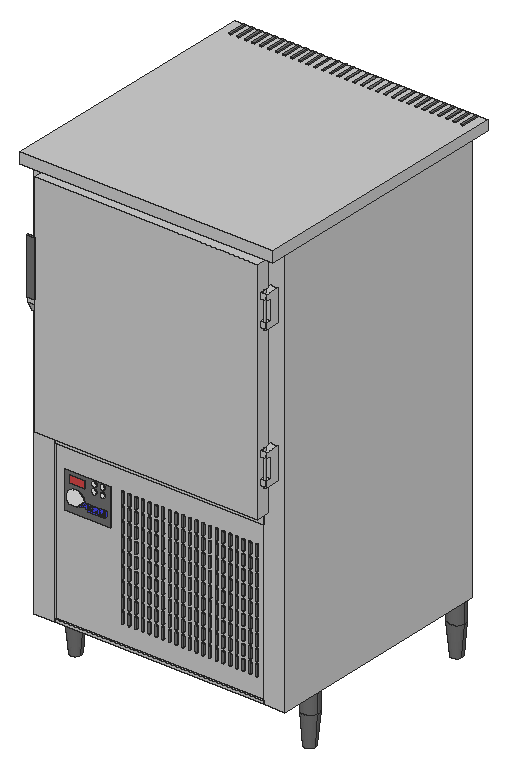
Revit family "QF_ACFRI_RS30-RL.190709092811", category Specialty Equipment, Revit 2016 (continued)
Definition of nested family "QF_ACFRI_RS30-RL_230V_1Ph_50Hz"
  Forms (mm)
    Extrusion 5, solid
      sketch origin (0, -746.05, -119.991) x (1, 0, 0) y (0, 0, 1)
        loop
          line (561.229, 494.546) -> (561.229, 467.546)
          arc (561.229, 467.546) -> (564.729, 464.046) -> (568.229, 467.546) r 3.5
          line (568.229, 467.546) -> (568.229, 494.546)
          arc (568.229, 494.546) -> (564.729, 498.046) -> (561.229, 494.546) r 3.5
        loop
          line (581.229, 494.546) -> (581.229, 467.546)
          arc (581.229, 467.546) -> (584.729, 464.046) -> (588.229, 467.546) r 3.5
          line (588.229, 467.546) -> (588.229, 494.546)
          arc (588.229, 494.546) -> (584.729, 498.046) -> (581.229, 494.546) r 3.5
        loop
          line (601.229, 494.546) -> (601.229, 467.546)
          arc (601.229, 467.546) -> (604.729, 464.046) -> (608.229, 467.546) r 3.5
          line (608.229, 467.546) -> (608.229, 494.546)
          arc (608.229, 494.546) -> (604.729, 498.046) -> (601.229, 494.546) r 3.5
        loop
          line (621.229, 494.546) -> (621.229, 467.546)
          arc (621.229, 467.546) -> (624.729, 464.046) -> (628.229, 467.546) r 3.5
          line (628.229, 467.546) -> (628.229, 494.546)
          arc (628.229, 494.546) -> (624.729, 498.046) -> (621.229, 494.546) r 3.5
        loop
          line (641.229, 494.546) -> (641.229, 467.546)
          arc (641.229, 467.546) -> (644.729, 464.046) -> (648.229, 467.546) r 3.5
          line (648.229, 467.546) -> (648.229, 494.546)
          arc (648.229, 494.546) -> (644.729, 498.046) -> (641.229, 494.546) r 3.5
        loop
          line (661.229, 494.546) -> (661.229, 467.546)
          arc (661.229, 467.546) -> (664.729, 464.046) -> (668.229, 467.546) r 3.5
          line (668.229, 467.546) -> (668.229, 494.546)
          arc (668.229, 494.546) -> (664.729, 498.046) -> (661.229, 494.546) r 3.5
      from 0 to 2
    Extrusion 6, solid
      sketch origin (-327.449, -51.57, -49) x (1, 0, 0) y (0, 0, 1)
        loop
          circle (377.449, 99) r 5
      from 0 to 5
    Extrusion 7, solid
      sketch origin (686.444, 0, -150) x (0, 1, 0) y (0, 0, 1)
        loop
          line (-56.57, 1373.957) -> (-752.05, 1373.957) -> (-752.05, 150) -> (-56.57, 150) -> (-56.57, 1373.957)
      from 3.267 to 65.187
    Extrusion 8, solid
      sketch origin (0, 0, -51) x (0, 1, 0) y (0, 0, 1)
        loop
          line (-752.05, 1274.957) -> (-752.05, 1228.517) -> (-126.332, 1228.517) -> (-126.332, 593.419) -> (-752.05, 593.419) -> (-752.05, 531.284) -> (-747.05, 531.284) -> (-747.05, 61) -> (-752.05, 61) -> (-752.05, 51) -> (-56.57, 51) -> (-56.57, 1274.957) -> (-752.05, 1274.957)
      from 65.187 to 689.711
  Lines and regions (mm)
    symbolic lines
      curve 1: line (0, 0, 0) -> (755, 0, 0)
      curve 2: line (0, -800, 0) -> (0, 0, 0)
      curve 3: line (755, -800, 0) -> (0, -800, 0)
      curve 4: line (755, 0, 0) -> (755, -800, 0)
  Dimensions and locks
    plane 3 "Left" to plane 4 "Right" = 755 mm
    plane 5 "Front" to plane 1 "Back" = 800 mm
    plane 6 "Top" to level = 1254.917 mm
    aligned and locked: level to plane 2
  Connectors
    electrical at (50, -51.57, 50)
      settings: on Extrusion 6, index 1, voltage 0 V, apparent load 0 VA, apparent load phase1 0 VA, apparent load phase2 0 VA, apparent load phase3 0 VA, power factor 1, load classification none, number of poles 1, system type 31, power factor state 1, is connector primary yes, connector utility no, sub classification motor no, connector description "Electrical connection"
Definition of nested family "QF_ACFRI_RS25_30_40_DOOR_RX"
  Parameters (values of type "RS25_30_40_DOOR_RX")
    URL catalogue [instance] = ""
    URL = "www.acfri.com"
    Status [instance] = ""
    Spécification technique [instance] = ""
    Spécification du Fabricant [instance] = ""
    Spécification de l'Utilisateur [instance] = ""
    Show Logo [instance] = yes
    Show Clearance [instance] = yes
    SMACNA No spécifique pour les matériaux  Etats Unis [instance] = ""
    Quantité par lot [instance] = no
    Profondeur hors tout [instance] = 40 mm
    Poids net à vide [instance] = 0.00 kg
    Numéro de Série [instance] = ""
    Nombre d'identification NAFEM [instance] = ""
    Model = "RS25_30_40_DOOR_RX"
    Manufacturer = "ACFRI"
    Longueur hors tout [instance] = 699 mm
    Installé Par [instance] = ""
    Identifiant Equipement [instance] = no
    Hauteur hors tout [instance] = 680 mm
    Fournis Par [instance] = ""
    Description = "PORTE AVEC OUVERTURE DROITE"
    Cost = 0
    Code de Révision [instance] = ""
    Classification dans le projet [instance] = ""
    Classement sismique [instance] = ""
    Assembly Code = "E1090320"
    Accessoires [instance] = yes
  Reference planes
    plane 1 "Back": y = 0
    plane 2: z = 0
    plane 3 "Left": x = 0
    plane 4 "Right": x = 755
    plane 5 "Front": y = -800
    plane 6 "Top": z = 1254.917
  Forms (mm)
    Extrusion 1, solid
      sketch origin (0, -100, 372.879) x (1, 0, 0) y (0, 0, 1)
        loop
          line (44.706, 830.129) -> (44.706, 149.234) -> (710.163, 149.234) -> (710.163, 830.129) -> (44.706, 830.129)
      from 662.15 to 699.95
    Extrusion 2, solid
      sketch origin (0, -100, 372.879) x (0, 1, 0) y (0, 0, 1)
        loop
          line (-693, 736.96) -> (-678, 736.96) -> (-678, 677.386) -> (-693, 677.386) -> (-693, 660.173) -> (-652, 660.173) -> (-652, 754.173) -> (-693, 754.173) -> (-693, 736.96)
      from 711.246 to 729.246
    Extrusion 3, solid
      sketch origin (0, -100, 372.879) x (1, 0, 0) y (0, 1, 0)
        loop
          circle (720.083, -687.465) r 3
      from 656.173 to 760.173
    Extrusion 4, solid
      sketch origin (0, -100, -49.121) x (0, 1, 0) y (0, 0, 1)
        loop
          line (-693, 736.96) -> (-678, 736.96) -> (-678, 677.386) -> (-693, 677.386) -> (-693, 660.173) -> (-652, 660.173) -> (-652, 754.173) -> (-693, 754.173) -> (-693, 736.96)
      from 711.246 to 729.246
    Extrusion 5, solid
      sketch origin (0, -100, -49.121) x (1, 0, 0) y (0, 1, 0)
        loop
          circle (720.083, -687.465) r 3
      from 656.173 to 760.173
    Extrusion 6, solid
      sketch origin (1239.958, -61.439, 275) x (0, -1, 0) y (0, 0, 1)
        loop
          line (690.561, 693.865) -> (690.561, 557.787) -> (720.711, 557.787) -> (734.263, 585.818) -> (734.263, 665.818) -> (720.711, 693.865) -> (690.561, 693.865)
      from 1195.252 to 1218.714
    Extrusion 7, solid
      sketch origin (1239.958, -61.439, 275) x (0, -1, 0) y (0, 0, 1)
        loop
          line (734.263, 766.818) -> (734.263, 600.329) -> (738.561, 600.329) -> (738.561, 766.818) -> (734.263, 766.818)
      from 1195.252 to 1218.714
    Extrusion 8, solid, visible <- "Show Clearance", detail levels coarse
      sketch origin (0, -100, 372.879) x (1, 0, 0) y (0, 1, 0)
        loop
          line (720.246, -700) -> (21.244, -700)
          arc (21.244, -700) -> (212.032, -1179.918) -> (680.246, -1397.856) r 699.001
          line (680.246, -1397.856) -> (720.246, -1397.856) -> (720.246, -700)
      from 149.234 to 830.129
  Lines and regions (mm)
    symbolic lines, visible <- "Show Clearance"
      curve 1: arc (21.244, -800, 0) -> (212.032, -1279.918, 0) -> (680.246, -1497.856, 0) r 699.001
      curve 2: line (720.246, -1497.856, 0) -> (720.246, -800, 0)
      curve 3: line (680.246, -1497.856, 0) -> (680.246, -800, 0)
      curve 4: line (680.246, -1497.856, 0) -> (720.246, -1497.856, 0)
  Dimensions and locks
    plane 3 "Left" to plane 4 "Right" = 755 mm
    plane 5 "Front" to plane 1 "Back" = 800 mm
    plane 6 "Top" to level = 1254.917 mm
    aligned and locked: level to plane 2
Definition of nested family "QF_ACFRI_RS12_15_20_LEGS"
  Parameters (values of type "RS12_15_20_LEGS")
    URL catalogue [instance] = ""
    URL = "www.acfri.com"
    Status [instance] = ""
    Spécification technique [instance] = ""
    Spécification du Fabricant [instance] = ""
    Spécification de l'Utilisateur [instance] = ""
    Show Logo [instance] = yes
    Show Clearance [instance] = yes
    SMACNA No spécifique pour les matériaux  Etats Unis [instance] = ""
    Quantité par lot [instance] = no
    Profondeur hors tout [instance] = 700 mm
    Poids net à vide [instance] = 0.00 kg
    Numéro de Série [instance] = ""
    Nombre d'identification NAFEM [instance] = ""
    Model = "RS12_15_20_LEGS"
    Manufacturer = "ACFRI"
    Longueur hors tout [instance] = 755 mm
    Installé Par [instance] = ""
    Identifiant Equipement [instance] = no
    Hauteur hors tout [instance] = 150 mm
    Fournis Par [instance] = ""
    Description = "JAMBES STANDARD"
    Cost = 0
    Code de Révision [instance] = ""
    Classification dans le projet [instance] = ""
    Classement sismique [instance] = ""
    Assembly Code = "E1090320"
    Accessoires [instance] = yes
  Reference planes
    plane 1 "Back": y = 0
    plane 2: z = 0
    plane 3 "Left": x = 0
    plane 4 "Right": x = 755
    plane 5 "Front": y = -700
    plane 6 "Top": z = 150
  Forms (mm)
    Revolve 1, solid
      sketch origin (0, -81.07, 0) x (1, 0, 0) y (0, 0, 1)
        loop
          line (27.767, 150) -> (27.767, 0) -> (43.973, 0) -> (52.267, 93.06) -> (52.267, 150) -> (27.767, 150)
        axis (27.767, 150) -> (27.767, 0)
      angle from 0 to 360
    Revolve 2, solid
      sketch origin (699.364, -81.07, 0) x (1, 0, 0) y (0, 0, 1)
        loop
          line (27.767, 150) -> (27.767, 0) -> (43.973, 0) -> (52.267, 93.06) -> (52.267, 150) -> (27.767, 150)
        axis (27.767, 150) -> (27.767, 0)
      angle from 0 to 360
    Revolve 3, solid
      sketch origin (0, -627.5, 0) x (1, 0, 0) y (0, 0, 1)
        loop
          line (27.767, 150) -> (27.767, 0) -> (43.973, 0) -> (52.267, 93.06) -> (52.267, 150) -> (27.767, 150)
        axis (27.767, 150) -> (27.767, 0)
      angle from 0 to 360
    Revolve 4, solid
      sketch origin (699.364, -627.5, 0) x (1, 0, 0) y (0, 0, 1)
        loop
          line (27.767, 150) -> (27.767, 0) -> (43.973, 0) -> (52.267, 93.06) -> (52.267, 150) -> (27.767, 150)
        axis (27.767, 150) -> (27.767, 0)
      angle from 0 to 360
  Dimensions and locks
    plane 3 "Left" to plane 4 "Right" = 755 mm
    plane 5 "Front" to plane 1 "Back" = 700 mm
    plane 6 "Top" to level = 150 mm
    aligned and locked: level to plane 2
Definition of nested family "QF_ACFRI_RS25_30_40-CP"
  Parameters (values of type "RS25_30_40-CP")
    URL catalogue [instance] = ""
    URL = "www.acfri.com"
    Status [instance] = ""
    Spécification technique [instance] = ""
    Spécification du Fabricant [instance] = ""
    Spécification de l'Utilisateur [instance] = ""
    Show Logo [instance] = yes
    Show Clearance [instance] = yes
    SMACNA No spécifique pour les matériaux  Etats Unis [instance] = ""
    Quantité par lot [instance] = no
    Profondeur hors tout [instance] = 2 mm
    Poids net à vide [instance] = 0.00 kg
    Numéro de Série [instance] = ""
    Nombre d'identification NAFEM [instance] = ""
    Model = "CP"
    Manufacturer = "ACFRI"
    Longueur hors tout [instance] = 135 mm
    Installé Par [instance] = ""
    Identifiant Equipement [instance] = no
    Hauteur hors tout [instance] = 110 mm
    Fournis Par [instance] = ""
    Description = "PANNEAU DE COMMANDE STANDARD"
    Cost = 0
    Code de Révision [instance] = ""
    Classification dans le projet [instance] = ""
    Classement sismique [instance] = ""
    Assembly Code = "E1090320"
    Accessoires [instance] = yes
  Reference planes
    plane 1 "Back": y = 0
    plane 2: z = 0
    plane 3 "Left": x = 0
    plane 4 "Right": x = 755
    plane 5 "Front": y = -800
    plane 6 "Top": z = 1255
  Forms (mm)
    Extrusion 1, solid
      sketch origin (0, -746, -39.477) x (1, 0, 0) y (0, 0, 1)
        loop
          line (93.554, 456.477) -> (93.554, 347.31) -> (228.354, 347.31) -> (228.354, 456.477) -> (93.554, 456.477)
      from 0 to 2
    Extrusion 2, solid
      sketch origin (0, -746, -39.477) x (1, 0, 0) y (0, 0, 1)
        loop
          line (108.554, 446.477) -> (108.554, 426.477) -> (153.209, 426.477) -> (153.209, 446.477) -> (108.554, 446.477)
      from 0 to 2.5
    Extrusion 3, solid
      sketch origin (0, -746, -39.477) x (1, 0, 0) y (0, 0, 1)
        loop
          circle (180.595, 446.477) r 7.041
        loop
          circle (205.595, 446.477) r 6.977
        loop
          circle (180.595, 426.477) r 6.969
        loop
          circle (205.595, 426.477) r 6.966
      from 0 to 2.5
    Extrusion 4, solid, visible <- "Show Logo"
      sketch origin (0, -746, -39.477) x (1, 0, 0) y (0, 0, 1)
        loop
          arc (151.176, 389.128) -> (113.283, 410.215) -> (105.005, 367.647) r 26.786
          line (105.005, 367.647) -> (129.695, 367.647) -> (151.176, 389.128)
      from 0 to 2.5
    Extrusion 5, solid, visible <- "Show Logo"
      sketch origin (0, -746, -39.477) x (1, 0, 0) y (0, 0, 1)
        loop
          line (137.376, 372.576) -> (143.877, 372.576) -> (156.132, 384.832) -> (156.132, 379.832) -> (152.402, 379.832) -> (149.546, 376.976) -> (156.132, 376.976) -> (156.132, 372.576) -> (160.352, 372.576) -> (160.352, 387.576) -> (152.376, 387.576) -> (137.376, 372.576)
        loop
          line (161.81, 372.576) -> (170.216, 372.576) -> (175.423, 376.645) -> (167.48, 376.645) -> (167.48, 383.463) -> (176.07, 383.463) -> (181.335, 387.576) -> (166.704, 387.576) -> (161.81, 383.752) -> (161.81, 372.576)
        loop
          line (177.48, 372.576) -> (183.63, 372.576) -> (183.63, 377.576) -> (187.087, 377.576) -> (191.493, 381.273) -> (183.63, 381.273) -> (183.63, 383.421) -> (192.217, 383.421) -> (197.534, 387.576) -> (183.178, 387.576) -> (177.48, 382.794) -> (177.48, 372.576)
        loop
          line (192.329, 372.576) -> (198.443, 372.576) -> (198.443, 377.835) -> (205.681, 372.576) -> (209.279, 372.576) -> (209.279, 376.027) -> (206.884, 378.036) -> (209.279, 379.907) -> (209.279, 387.576) -> (199.004, 387.576) -> (192.329, 381.975) -> (192.329, 372.576)
        loop
          line (198.443, 383.421) -> (198.443, 381.273) -> (203.737, 381.273) -> (203.737, 383.421) -> (198.443, 383.421)
        loop
          line (210.531, 372.576) -> (216.277, 372.576) -> (216.277, 387.576) -> (210.531, 383.086) -> (210.531, 372.576)
        loop
          line (161.81, 371.199) -> (161.81, 366.993) -> (210.016, 366.993) -> (216.252, 371.199) -> (161.81, 371.199)
      from 0 to 2.5
  Dimensions and locks
    plane 3 "Left" to plane 4 "Right" = 755 mm
    plane 5 "Front" to plane 1 "Back" = 800 mm
    plane 6 "Top" to level = 1255 mm
    aligned and locked: level to plane 2
